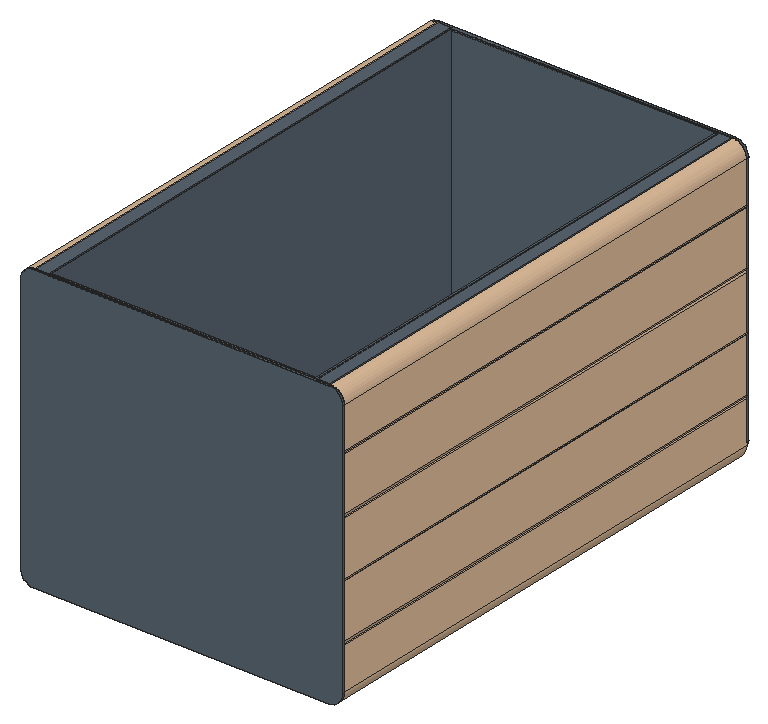
Revit family "Indre By 61116-S-L", category Meble, Revit 2021
Family settings
  Numer OmniClass = 23.40.20.00
  Tytuł OmniClass = General Furniture and Specialties
  Oparty na płaszczyźnie roboczej = Nie
  Zawsze pionowo = Tak
  Tnij formami wycięć po wczytaniu = Nie
  Współdzielony = Nie
  Punkt obliczania pomieszczeń = Nie
Parameters (values of type "61116-S-L")
  wood = Kobenhagen Wood - Larch
  metal = Kobenhagen RAL 5011
  Wood = none
  Width = "50 cm"
  Weight = "60 kg"
  URL = "https://kobenhagen.com/en_US/p/Indre-By-Large-Plant-Case/217"
  Size = "130 L"
  Product line = "Indre By"
  Product Groups = "Plant Cases"
  Producent = "Lars Laj"
  Keynote = ""
  Opis = "Indre By Large Plant Case"
  Model = "61116-S-L"
  Metal = none
  Material = "Larch, stainless steel, powder coated steel"
  Maintenance = "We recommend to examine and tighten all screws and bolt clamps after a few weeks’ use. In order to prevent cracks and to extend the life of the wood, it is recommended that the wood details should be oiled every 3-5 years."
  Lenght = "80 cm"
  Type Comments = ""
  Kobenhagen Materials = "larslaj.com/bim"
  Hosted on larslaj.com = "https://larslaj.com/bim"
  Height = "46 cm"
  Domyślna rzędna = 0 mm
  Copyright = "All designs and drawings are the intellectual property of Lars Laj A/S and are protected by Danish and international copyright laws."
Reference planes
  plane 1 "front": y = 0
  plane 2: z = 0
  plane 3 "Środek (Lewa/Prawa)": x = 0
  plane 4 "back": y = 795.098
Forms (mm)
  Extrusion 1, solid, material "Kobenhagen RAL 5011" <- "metal", not visible
    sketch origin (0, 0, 0) x (0, 1, 0) y (0, 0, 1)
      loop
        arc (71.187, 451.5) -> (57.045, 445.642) -> (51.187, 431.5) r 20
        line (51.187, 431.5) -> (51.187, 18.231)
        arc (51.187, 18.231) -> (56.527, 5.34) -> (69.418, 0) r 18.231
        line (69.418, 0) -> (153.638, 0) -> (153.638, 15) -> (448.638, 15) -> (448.638, 0) -> (527.023, 0)
        arc (527.023, 0) -> (542.307, 6.331) -> (548.638, 21.615) r 21.615
        line (548.638, 21.615) -> (548.638, 429.407)
        arc (548.638, 429.407) -> (542.168, 445.029) -> (526.545, 451.5) r 22.093
        line (526.545, 451.5) -> (71.187, 451.5)
    from 750.378 to 745
  Extrusion 2, solid, material "Kobenhagen RAL 5011" <- "metal", not visible
    sketch origin (0, 0, 0) x (0, 1, 0) y (0, 0, 1)
      loop
        line (548.638, 396.844) -> (629.375, 854.725) -> (601.836, 859.581)
        arc (601.836, 859.581) -> (585.224, 855.898) -> (576.082, 841.547) r 22.232
        line (576.082, 841.547) -> (507.306, 451.5) -> (526.545, 451.5)
        arc (526.545, 451.5) -> (542.168, 445.029) -> (548.638, 429.407) r 22.093
        line (548.638, 429.407) -> (548.638, 396.844)
    from 745 to 750.378
  Extrusion 3, solid, material "Kobenhagen Wood - Larch" <- "wood"
    sketch origin (6.56, 533.799, 744) x (1, 0, 0) y (0, 0, 1)
      loop
        line (252.914, -641.5) -> (212, -641.5) -> (212, -731.97) -> (232.65, -731.97)
        arc (232.65, -731.97) -> (248.454, -725.424) -> (255, -709.621) r 22.35
        line (255, -709.621) -> (255, -643.586)
        arc (255, -643.586) -> (254.389, -642.111) -> (252.914, -641.5) r 2.086
    from -261.299 to 533.799
  Extrusion 4, solid, material "Kobenhagen Wood - Larch" <- "wood"
    sketch origin (6.56, 533.799, 839) x (1, 0, 0) y (0, 0, 1)
      loop
        line (253.57, -646.5) -> (212, -646.5) -> (212, -736.5) -> (252.105, -736.5)
        arc (252.105, -736.5) -> (254.152, -735.652) -> (255, -733.605) r 2.895
        line (255, -733.605) -> (255, -647.93)
        arc (255, -647.93) -> (254.581, -646.919) -> (253.57, -646.5) r 1.43
    from -261.299 to 533.799
  Extrusion 5, solid, material "Kobenhagen RAL 5011" <- "metal"
    sketch origin (6.56, 533.799, 35) x (1, 0, 0) y (0, 0, 1)
      loop
        arc (-233.5, 427.5) -> (-248.703, 421.203) -> (-255, 406) r 21.5
        line (-255, 406) -> (-255, -1.454)
        arc (-255, -1.454) -> (-248.703, -16.657) -> (-233.5, -22.954) r 21.5
        line (-233.5, -22.954) -> (233.5, -22.954)
        arc (233.5, -22.954) -> (248.703, -16.657) -> (255, -1.454) r 21.5
        line (255, -1.454) -> (255, 406)
        arc (255, 406) -> (248.703, 421.203) -> (233.5, 427.5) r 21.5
        line (233.5, 427.5) -> (-233.5, 427.5)
    from 533.799 to 536.016
  Extrusion 6, solid, material <- "Metal"
    sketch origin (6.56, 533.799, 0) x (1, 0, 0) y (0, 1, 0)
      loop
        line (-233.5, 261.299) -> (-233.5, -530.016) -> (232, -530.016) -> (232, 261.299) -> (-233.5, 261.299)
    from 12 to 19
  Extrusion 7, solid, material <- "Metal"
    sketch origin (6.56, 533.799, 0) x (1, 0, 0) y (0, 1, 0)
      loop
        line (-201.598, -114.603) -> (-201.598, -164.603) -> (-148.076, -164.603) -> (-148.076, -114.603) -> (-201.598, -114.603)
      loop
        line (151.598, -164.603) -> (201.598, -164.603) -> (201.598, -116.623) -> (151.598, -116.623) -> (151.598, -164.603)
      loop
        line (-201.598, -460.397) -> (-201.598, -510.397) -> (-151.598, -510.397) -> (-151.598, -460.397) -> (-201.598, -460.397)
      loop
        line (151.598, -460.397) -> (151.598, -510.397) -> (201.598, -510.397) -> (201.598, -460.397) -> (151.598, -460.397)
      loop
        line (-201.598, 240.397) -> (-201.598, 190.397) -> (-148.076, 190.397) -> (-148.076, 240.397) -> (-201.598, 240.397)
      loop
        line (151.598, 190.397) -> (201.598, 190.397) -> (201.598, 238.377) -> (151.598, 238.377) -> (151.598, 190.397)
    from 0 to 12
  Extrusion 8, solid, material "Kobenhagen RAL 5011" <- "metal"
    sketch origin (6.56, 533.799, 0) x (1, 0, 0) y (0, 0, 1)
      loop
        line (-255.619, 441) -> (-255.619, 40.5)
        arc (-255.619, 40.5) -> (-249.322, 25.297) -> (-234.119, 19) r 21.5
        line (-234.119, 19) -> (233.5, 19)
        arc (233.5, 19) -> (248.703, 25.297) -> (255, 40.5) r 21.5
        line (255, 40.5) -> (255, 441)
        arc (255, 441) -> (248.703, 456.203) -> (233.5, 462.5) r 21.5
        line (233.5, 462.5) -> (-234.119, 462.5)
        arc (-234.119, 462.5) -> (-249.322, 456.203) -> (-255.619, 441) r 21.5
    from -265.199 to -261.299
  Extrusion 9, solid, material "Kobenhagen RAL 5011" <- "metal"
    sketch origin (6.56, 533.799, 0) x (1, 0, 0) y (0, 1, 0)
      loop
        line (-212, 265.199) -> (-212, -533.799) -> (212, -533.799) -> (212, 265.199) -> (-212, 265.199)
      loop
        line (-208.789, 257.984) -> (-208.789, -530.838) -> (208.6, -530.838) -> (208.6, 257.984) -> (-208.789, 257.984)
    from 19 to 462.5
  Extrusion 10, solid, material "Kobenhagen Wood - Larch" <- "wood"
    sketch origin (6.56, 533.799, -454) x (1, 0, 0) y (0, 0, 1)
      loop
        arc (253.57, 646.5) -> (254.581, 646.919) -> (255, 647.93) r 1.43
        line (255, 647.93) -> (255, 733.605)
        arc (255, 733.605) -> (254.152, 735.652) -> (252.105, 736.5) r 2.895
        line (252.105, 736.5) -> (212, 736.5) -> (212, 646.5) -> (253.57, 646.5)
    from -261.299 to 533.799
  Extrusion 11, solid, material "Kobenhagen Wood - Larch" <- "wood"
    sketch origin (6.56, 533.799, 1019) x (1, 0, 0) y (0, 0, 1)
      loop
        line (253.57, -646.5) -> (212, -646.5) -> (212, -736.5) -> (252.105, -736.5)
        arc (252.105, -736.5) -> (254.152, -735.652) -> (255, -733.605) r 2.895
        line (255, -733.605) -> (255, -647.93)
        arc (255, -647.93) -> (254.581, -646.919) -> (253.57, -646.5) r 1.43
    from -261.299 to 533.799
  Extrusion 12, solid, material "Kobenhagen Wood - Larch" <- "wood"
    sketch origin (5.94, 533.799, 744) x (-1, 0, 0) y (0, 0, -1)
      loop
        arc (252.914, 641.5) -> (254.389, 642.111) -> (255, 643.586) r 2.086
        line (255, 643.586) -> (255, 709.621)
        arc (255, 709.621) -> (248.454, 725.424) -> (232.65, 731.97) r 22.35
        line (232.65, 731.97) -> (212, 731.97) -> (212, 641.5) -> (252.914, 641.5)
    from -261.299 to 533.799
  Extrusion 13, solid, material "Kobenhagen Wood - Larch" <- "wood"
    sketch origin (5.94, 533.799, 839) x (-1, 0, 0) y (0, 0, -1)
      loop
        arc (253.57, 646.5) -> (254.581, 646.919) -> (255, 647.93) r 1.43
        line (255, 647.93) -> (255, 733.605)
        arc (255, 733.605) -> (254.152, 735.652) -> (252.105, 736.5) r 2.895
        line (252.105, 736.5) -> (212, 736.5) -> (212, 646.5) -> (253.57, 646.5)
    from -261.299 to 533.799
  Extrusion 14, solid, material "Kobenhagen Wood - Larch" <- "wood"
    sketch origin (5.94, 533.799, -269) x (-1, 0, 0) y (0, 0, -1)
      loop
        line (252.914, -641.5) -> (212, -641.5) -> (212, -730.307) -> (232.65, -730.307) -> (232.65, -731.97)
        arc (232.65, -731.97) -> (248.454, -725.424) -> (255, -709.621) r 22.35
        line (255, -709.621) -> (255, -643.586)
        arc (255, -643.586) -> (254.389, -642.111) -> (252.914, -641.5) r 2.086
    from -261.299 to 533.799
  Extrusion 15, solid, material "Kobenhagen Wood - Larch" <- "wood"
    sketch origin (5.94, 533.799, -454) x (-1, 0, 0) y (0, 0, -1)
      loop
        line (253.57, -646.5) -> (212, -646.5) -> (212, -736.5) -> (252.105, -736.5)
        arc (252.105, -736.5) -> (254.152, -735.652) -> (255, -733.605) r 2.895
        line (255, -733.605) -> (255, -647.93)
        arc (255, -647.93) -> (254.581, -646.919) -> (253.57, -646.5) r 1.43
    from -261.299 to 533.799
  Extrusion 16, solid, material "Kobenhagen Wood - Larch" <- "wood"
    sketch origin (5.94, 533.799, 1019) x (-1, 0, 0) y (0, 0, -1)
      loop
        arc (253.57, 646.5) -> (254.581, 646.919) -> (255, 647.93) r 1.43
        line (255, 647.93) -> (255, 733.605)
        arc (255, 733.605) -> (254.152, 735.652) -> (252.105, 736.5) r 2.895
        line (252.105, 736.5) -> (212, 736.5) -> (212, 646.5) -> (253.57, 646.5)
    from -261.299 to 533.799
  Extrusion 17, solid, material "Kobenhagen Wood - Larch" <- "wood"
    sketch origin (6.56, 533.799, -269) x (1, 0, 0) y (0, 0, 1)
      loop
        arc (252.914, 641.5) -> (254.389, 642.111) -> (255, 643.586) r 2.086
        line (255, 643.586) -> (255, 709.621)
        arc (255, 709.621) -> (248.454, 725.424) -> (232.65, 731.97) r 22.35
        line (232.65, 731.97) -> (232.65, 730.307) -> (212, 730.307) -> (212, 641.5) -> (252.914, 641.5)
    from -261.299 to 533.799
  Extrusion 18, solid, material "Kobenhagen RAL 5011" <- "metal"
    sketch origin (0, 0, 0) x (1, 0, 0) y (0, 0, 1)
      loop
        line (239.21, 462.97) -> (218.56, 462.97) -> (218.56, 461.307) -> (239.21, 461.307) -> (239.21, 462.97)
      loop
        line (-226.71, 462.97) -> (-226.71, 461.277) -> (-205.44, 461.277) -> (-205.44, 462.97) -> (-226.71, 462.97)
    from 0 to -795.098
Dimensions and locks
  aligned and locked: level to plane 2
  aligned and locked: plane 4 "back" to Extrusion 14
  aligned and locked: plane 1 "front" to Extrusion 3
  aligned and locked: plane 1 "front" to Extrusion 12
